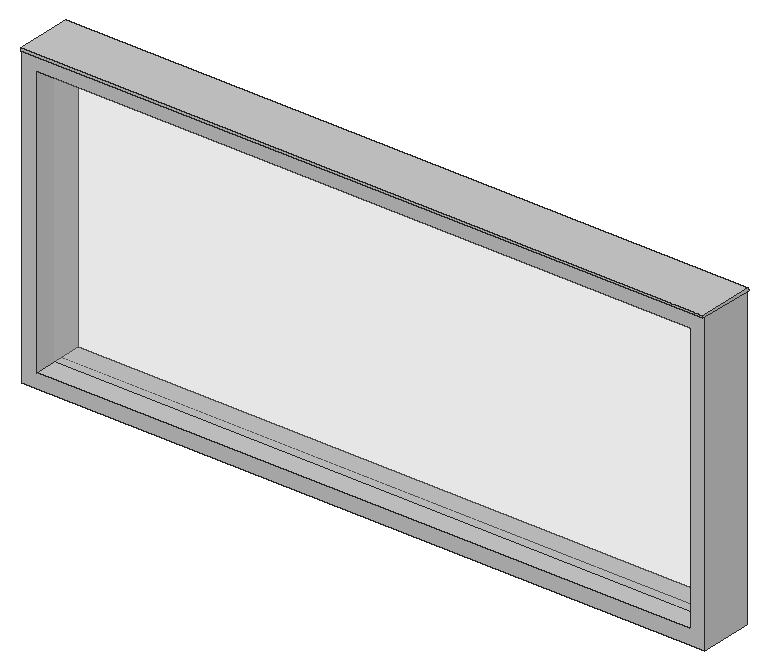
Revit family "Haworth_Compose_Panel_StackGlass", category Furniture Systems, Revit 2018
Family settings
  Round Connector Dimension = Use Diameter
  Part Type = Normal
  OmniClass Number = 23.40.70.14.64.21
  OmniClass Title = Systems Furniture
  Work Plane-Based = No
  Always vertical = Yes
  Cut with Voids When Loaded = No
  Shared = No
  Room Calculation Point = No
Parameters (values of type "36w 16h")
  Width = 36"
  Warranty = "http://www.haworth.com/resources/product-info/warranties"
  Vertical Trim Width = 1/4"  # constant formula
  URL - Product = "http://www.haworth.com/products/workspaces/panel-based/compose"
  URL = "www.haworth.com"
  Trim Thin Profile = yes
  Trim Finish = Haworth _ Metal _ Brushed Aluminum
  Trim Depth = 3"  # constant formula
  Top Trim Width = if(Trim Thin Profile, 1/8", 1/4")  # 1/8"
  Top Trim Adjuster = if(Top Trim, Top Trim Width, 0")  # 1/8"
  Top Trim = yes
  Sustainability Info = "http://media.haworth.com/asset/2999/Compose%20PEDS.pdf"
  Size = "Verify Final Dim. w/ Haworth"  # constant formula
  Revision Number = "5"  # constant formula
  Panel Width = Actual Width - (2 * Frame Width)  # 34 1/2"
  Panel Height = Actual Height - Top Trim Adjuster - (2 * Frame Width)  # 14 1/4"
  Panel Depth = 1/2"  # constant formula
  Model = "VZGS"  # constant formula
  Min/Max Width = "18-96 in. @ 6 in. Increments"  # constant formula
  Min/Max Height = "16, 24 in."  # constant formula
  Min. Width = 18"  # constant formula
  Max. Width = 96"  # constant formula
  Min. Height = 16"  # constant formula
  Max. Height = 24"  # constant formula
  Manufacturer = "Haworth"  # constant formula
  Height = 16"
  Glass Finish = Haworth _ Glass _ Clear
  End Trim Right [instance] = no
  Variable End Trim Right [instance] = no
  Variable End Trim Left [instance] = no
  Frame Width = 3/4"  # constant formula
  Frame Depth = Trim Depth - 1/4"  # 2 3/4"
  End Trim Left [instance] = no
  Description = "Haworth - Compose Panel Glass - Stack"  # constant formula
  Custom Size = not(and(or(Width = 18", Width = 24", Width = 30", Width = 36", Width = 42", Width = 48", Width = 54", Width = 60", Width = 66", Width = 72", Width = 78", Width = 84", Width = 90", Width = 96"), or(Height = 16", Height = 24")))  # no
  Author = "SHAPE Environments, LLC"  # constant formula
  Assembly Code = "E2020500"
  Adjacent Panel Height Right = 8"
  Adjacent Panel Height Left = 8"
  Actual Width = if(Width < Min. Width, Min. Width, if(Width > Max. Width, Max. Width, Width))  # 36"
  Panel Offset [instance] = 42"
  Actual Height = if(not(Top Trim), if(Height < Min. Height, Min. Height, if(Height > Max. Height, Max. Height, Height)) - 1/4", if(Trim Thin Profile, if(Height < Min. Height, Min. Height, if(Height > Max. Height, Max. Height, Height)) - 1/8", if(Height < Min. Height, Min. Height, if(Height > Max. Height, Max. Height, Height))))  # 15 7/8"
  Actual End Trim Right Height [instance] = if(Variable End Trim Right, Actual Height - Adjacent Panel Height Right, if(Actual Height - Adjacent Panel Height Right < 4", 4", Actual Height))  # 15 7/8"
  Actual End Trim Left Height [instance] = if(Variable End Trim Left, Actual Height - Adjacent Panel Height Left, if(Actual Height - Adjacent Panel Height Left < 4", 4", Actual Height))  # 15 7/8"
Reference planes (in)
  plane 1 "Center F/B": y = 0
  plane 2: z = 0
  plane 3 "Center L/R": x = 0.09607
  plane 4 "Left": x = -17.90393
  plane 5 "Right": x = 18.09607
  plane 6 "Top Trim": z = 57.875
  plane 7 "Top Trim Inside": z = 57.75
  plane 8 "Front": y = -1.5
  plane 9 "Back": y = 1.5
  plane 10 "Panel Offset": z = 42
  plane 11 "Top": z = 57.875
Forms (in)
  Sweep 1, solid, material "Haworth _ Metal _ Brushed Aluminum" <- "Trim Finish", visible <- "Top Trim"
    path origin (0, 0, 0) x (1, 0, 0) y (0, 0, 1)
      loop
        line (-17.90393, 57.875) -> (18.09607, 57.875)
    profile "Haworth_Compose - Panel_Trim : Top" origin (0.09607, 0, 57.875) x (0, 0, 1) y (0, -1, 0)
      loop
        line (0, 1.5) -> (-0.125, 1.5) -> (-0.125, -1.5) -> (0, -1.5) -> (0, 1.5)
  Sweep 2, solid, material "Haworth _ Metal _ Brushed Aluminum" <- "Trim Finish"
    path origin (0, 0, 0) x (1, 0, 0) y (0, 0, 1)
      loop
        line (-17.90393, 57.75) -> (-17.90393, 42) -> (18.09607, 42) -> (18.09607, 57.75) -> (-17.90393, 57.75)
    profile "Haworth_Compose - Panel_Trim : Frame" origin (0.09607, 0, 57.75) x (0, 0, 1) y (0, -1, 0)
      loop
        line (0, 1.375) -> (-0.75, 1.375) -> (-0.75, -1.375) -> (0, -1.375) -> (0, 1.375)
Lines and regions (in)
  Masking region 1, visible <- "End Trim Right"
    outline origin (0, 0, 0) x (1, 0, 0) y (0, 1, 0)
      loop
        line (18.09607, 1.5) -> (18.09607, -1.5) -> (18.22107, -1.5) -> (18.22107, 1.5) -> (18.09607, 1.5)
  Masking region 2, visible <- "End Trim Left"
    outline origin (0, 0, 0) x (1, 0, 0) y (0, 1, 0)
      loop
        line (-18.02893, 1.5) -> (-18.02893, -1.5) -> (-17.90393, -1.5) -> (-17.90393, 1.5) -> (-18.02893, 1.5)
  symbolic lines, style "Haworth"
    curve 1: line (18.09607, 1.5, 0) -> (18.09607, -1.5, 0)
    curve 3: line (-17.90393, 1.5, 0) -> (-17.90393, -1.5, 0)
    curve 5: line (18.09607, 1.5, 0) -> (-17.90393, 1.5, 0)
    curve 6: line (18.09607, -1.5, 0) -> (-17.90393, -1.5, 0)
  symbolic lines, style "Haworth Hidden"
    curve 2: line (18.09607, -0.25, 0) -> (-17.90393, -0.25, 0)
    curve 4: line (18.09607, 0.25, 0) -> (-17.90393, 0.25, 0)
Dimensions and locks (in)
  equal spacing: plane 4 "Left", plane 3 "Center L/R", plane 5 "Right"
  "Actual Width": plane 4 "Left" to plane 5 "Right"
  "Actual Height": plane 11 "Top" to plane 10 "Panel Offset"
  "Top Trim Width": plane 6 "Top Trim" to plane 7 "Top Trim Inside"
  equal spacing: plane 9 "Back", plane 1 "Center F/B", plane 8 "Front"
  "Trim Depth": plane 9 "Back" to plane 8 "Front"
  "Panel Offset": plane 10 "Panel Offset" to plane 2
  "Frame Width": nested 1 to plane 10 "Panel Offset"
  "Top Trim Width": plane 5 "Right" to Masking region 1 sketch curve
  "Top Trim Width": Masking region 2 sketch curve to plane 4 "Left"
  "Top Trim Adjuster": plane 11 "Top" to plane 7 "Top Trim Inside"
  aligned and locked: Sweep 1 sketch curve to plane 6 "Top Trim"
  aligned and locked: plane 5 "Right" to Sweep 1 sketch curve
  aligned and locked: plane 4 "Left" to Sweep 1 sketch curve
  aligned and locked: plane 4 "Left" to curve 4
  aligned and locked: plane 5 "Right" to curve 4
  aligned and locked: plane 3 "Center L/R" to nested 1
  aligned and locked: plane 1 "Center F/B" to nested 1
  aligned and locked: curve 2 to nested 1
  aligned and locked: curve 4 to nested 1
  aligned: nested 1 to plane 2
  aligned: nested 1 to plane 10 "Panel Offset"
  aligned and locked: Sweep 2 sketch curve to plane 7 "Top Trim Inside"
  aligned and locked: Sweep 2 sketch curve to plane 4 "Left"
  aligned and locked: Sweep 2 sketch curve to plane 10 "Panel Offset"
  aligned and locked: plane 5 "Right" to Sweep 2 sketch curve
  aligned and locked: nested 3 to plane 1 "Center F/B"
  aligned and locked: plane 1 "Center F/B" to nested 2
  aligned and locked: plane 4 "Left" to nested 3
  aligned and locked: nested 2 to plane 5 "Right"
  aligned: nested 3 to plane 10 "Panel Offset"
  aligned: nested 2 to plane 10 "Panel Offset"
  aligned and locked: plane 11 "Top" to nested 3
  aligned and locked: plane 11 "Top" to nested 2
Automatic sketch dimensions
  Masking region 1 sketch curve to plane 5 "Right" = 0"
  Masking region 1 sketch curve to plane 9 "Back" = 0"
  Masking region 2 sketch curve to plane 4 "Left" = 0"
  Masking region 2 sketch curve to plane 8 "Front" = 0"
  Masking region 2 sketch curve to plane 9 "Back" = 0"
  Masking region 1 sketch curve to plane 8 "Front" = 0"
  curve 1 to plane 8 "Front" = 0"
  curve 5 to plane 9 "Back" = 0"
Nested families (in)
  nested 1: "Haworth_Compose - Panel_Glass" at (-1.08413, 0.03024, 42.75), type "Haworth_Compose - Panel_Glass"
    with Panel Width 34 1/2", Panel Height 14 1/4"
  nested 2: "Haworth_Parts_Compose-End_Trim" at (15.22107, 0, 42), visible <- "End Trim Right", Actual Height <- "Actual End Trim Right Height", type "Trim"
    with Actual Height 15 7/8", Trim Width 1/8", Thin Profile yes
  nested 3: "Haworth_Parts_Compose-End_Trim" at (-15.02893, 0, 42) x (-1, 0, 0) z (0, 0, 1), visible <- "End Trim Left", Actual Height <- "Actual End Trim Left Height", type "Trim"
    with Actual Height 15 7/8", Trim Width 1/8", Thin Profile yes
Definition of nested family "Haworth_Compose - Panel_Glass"
  Parameters
    Panel Width = 36"
    Panel Height = 45 3/4"
    Panel Finish = none
    Panel Depth = 1/2"
    Assembly Code = ""
  Reference planes (in)
    plane 1 "Center F/B": y = -0.03024
    plane 2: z = 0
    plane 3 "Center L/R": x = 1.1802
    plane 4 "Left": x = -16.8198
    plane 5 "Right": x = 19.1802
    plane 6 "Back": y = 0.21976
    plane 7 "Front": y = -0.28024
    plane 8 "Top": z = 45.75
  Forms (in)
    Extrusion 1, solid, material <- "Panel Finish"
      sketch origin (0, -0.03024, 0) x (1, 0, 0) y (0, 0, 1)
        loop
          line (-16.8198, 45.75) -> (-16.8198, 0) -> (19.1802, 0) -> (19.1802, 45.75) -> (-16.8198, 45.75)
      from -0.25 to 0.25
  Dimensions and locks (in)
    "Panel Height": plane 8 "Top" to level
    equal spacing: plane 6 "Back", plane 1 "Center F/B", plane 7 "Front"
    "Panel Depth": plane 6 "Back" to plane 7 "Front"
    equal spacing: plane 4 "Left", plane 3 "Center L/R", plane 5 "Right"
    "Panel Width": plane 4 "Left" to plane 5 "Right"
    aligned and locked: plane 4 "Left" to Extrusion 1 sketch curve
    aligned and locked: Extrusion 1 sketch curve to plane 8 "Top"
    aligned and locked: level to Extrusion 1 sketch curve
    aligned and locked: Extrusion 1 sketch curve to plane 5 "Right"
    aligned and locked: plane 6 "Back" to Extrusion 1
    aligned and locked: Extrusion 1 to plane 7 "Front"
Definition of nested family "Haworth_Parts_Compose-End_Trim"
  Parameters
    Warranty = ""
    URL - Product = ""
    URL = "www.haworth.com"
    Trim Width = if(Thin Profile, 1/8", 1/4")  # 1/4"
    Thin Profile = no
    Sustainability Info = ""
    Description = ""
    Size = "Verify Final Dim. w/ Haworth"  # constant formula
    Revision Number = "1"  # constant formula
    Material Options = ""
    Manufacturer = "Haworth"  # constant formula
    LEED Data = ""
    Trim Finish = none
    Author = "SHAPE Environments, LLC"  # constant formula
    Assembly Code = ""
    Actual Height [instance] = 42"
    Actual Depth = 3"  # constant formula
  Reference planes (in)
    plane 1 "Center F/B": y = 0
    plane 2: z = 0
    plane 3 "Back": y = 1.5
    plane 4 "Front": y = -1.5
    plane 5 "Right": x = 3
    plane 6 "Top": z = 42
    plane 7 "Left": x = 2.75
  Forms (in)
    Extrusion 1, solid, material <- "Trim Finish"
      sketch origin (-1.5, 0, 0) x (1, 0, 0) y (0, 1, 0)
        loop
          line (4.25, 1.5) -> (4.25, -1.5) -> (4.5, -1.5) -> (4.5, 1.5) -> (4.25, 1.5)
      from 0 to 42
  Dimensions and locks (in)
    equal spacing: plane 3 "Back", plane 1 "Center F/B", plane 4 "Front"
    "Actual Depth": plane 3 "Back" to plane 4 "Front"
    "Actual Height": plane 6 "Top" to level
    "Trim Width": plane 7 "Left" to plane 5 "Right"
    aligned and locked: Extrusion 1 sketch curve to plane 3 "Back"
    aligned and locked: plane 4 "Front" to Extrusion 1 sketch curve
    aligned: Extrusion 1 sketch curve to plane 5 "Right"
    aligned: plane 6 "Top" to Extrusion 1  (x4)
    aligned and locked: plane 5 "Right" to Extrusion 1
    aligned and locked: Extrusion 1 sketch curve to plane 7 "Left"
    aligned and locked: Extrusion 1 to plane 2
    aligned and locked: plane 6 "Top" to Extrusion 1
    aligned and locked: level to plane 2
Types in the file's own list only (28): name | Width | Panel Width | Panel Height | Height | Actual Width | Actual Height
  16h 18w | 18" | 16 1/2" | 14 1/4" | 16" | 18" | 15 7/8"
  16h 24w | 24" | 22 1/2" | 14 1/4" | 16" | 24" | 15 7/8"
  16h 30w | 30" | 28 1/2" | 14 1/4" | 16" | 30" | 15 7/8"
  16h 36w | 36" | 34 1/2" | 14 1/4" | 16" | 36" | 15 7/8"
  16h 42w | 42" | 40 1/2" | 14 1/4" | 16" | 42" | 15 7/8"
  16h 48w | 48" | 46 1/2" | 14 1/4" | 16" | 48" | 15 7/8"
  16h 54w | 54" | 52 1/2" | 14 1/4" | 16" | 54" | 15 7/8"
  16h 60w | 60" | 58 1/2" | 14 1/4" | 16" | 60" | 15 7/8"
  16h 66w | 66" | 64 1/2" | 14 1/4" | 16" | 66" | 15 7/8"
  16h 72w | 72" | 70 1/2" | 14 1/4" | 16" | 72" | 15 7/8"
  16h 78w | 78" | 76 1/2" | 14 1/4" | 16" | 78" | 15 7/8"
  16h 84w | 84" | 82 1/2" | 14 1/4" | 16" | 84" | 15 7/8"
  16h 90w | 90" | 88 1/2" | 14 1/4" | 16" | 90" | 15 7/8"
  16h 96w | 96" | 94 1/2" | 14 1/4" | 16" | 96" | 15 7/8"
  24h 18w | 18" | 16 1/2" | 22 1/4" | 24" | 18" | 23 7/8"
  24h 24w | 24" | 22 1/2" | 22 1/4" | 24" | 24" | 23 7/8"
  24h 30w | 30" | 28 1/2" | 22 1/4" | 24" | 30" | 23 7/8"
  24h 36w | 36" | 34 1/2" | 22 1/4" | 24" | 36" | 23 7/8"
  24h 42w | 42" | 40 1/2" | 22 1/4" | 24" | 42" | 23 7/8"
  24h 48w | 48" | 46 1/2" | 22 1/4" | 24" | 48" | 23 7/8"
  24h 54w | 54" | 52 1/2" | 22 1/4" | 24" | 54" | 23 7/8"
  24h 60w | 60" | 58 1/2" | 22 1/4" | 24" | 60" | 23 7/8"
  24h 66w | 66" | 64 1/2" | 22 1/4" | 24" | 66" | 23 7/8"
  24h 72w | 72" | 70 1/2" | 22 1/4" | 24" | 72" | 23 7/8"
  24h 78w | 78" | 76 1/2" | 22 1/4" | 24" | 78" | 23 7/8"
  24h 84w | 84" | 82 1/2" | 22 1/4" | 24" | 84" | 23 7/8"
  24h 90w | 90" | 88 1/2" | 22 1/4" | 24" | 90" | 23 7/8"
  24h 96w | 96" | 94 1/2" | 22 1/4" | 24" | 96" | 23 7/8"
